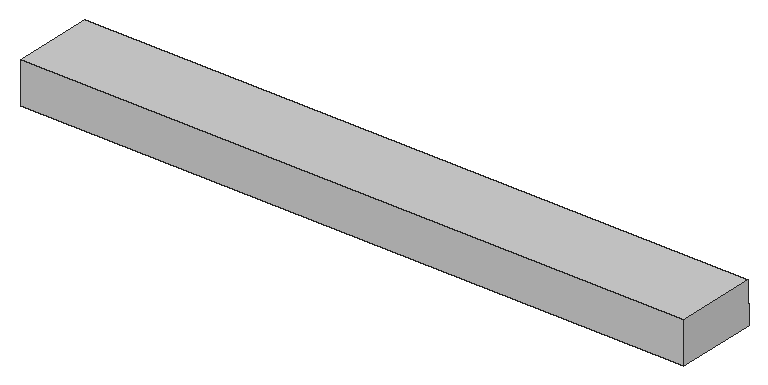
Revit family "Lum_Teto_Tubular_2_Embutido", category Lighting Fixtures, host Ceiling, Revit 2025
Family settings
  Host = Ceiling
  Round Connector Dimension = Use Diameter
  Part Type = Normal
  OmniClass Number = 23.80.70.11
  OmniClass Title = Luminaries for Internal Lighting
  Always vertical = Yes
  Cut with Voids When Loaded = No
  Light Source = Yes
  Maintain Annotation Orientation = No
  Shared = No
  Room Calculation Point = No
Parameters (values of type "Luminária_Tubular_Embutida_2_Lâmpadas")
  Wattage = 9.2903 W
  built-in parameter 1150110 = 1 (stored number, unit not read)
  built-in parameter 1114217 = 1 (stored number, unit not read)
  built-in parameter 1150109 = 1 (stored number, unit not read)
  Lumi_Material = CT_Luminaria
  Lumi_Largura_Interna = Lumi_Largura * 0.95  # 142.5 mm
  Lumi_Largura = 150 mm
  Lumi_Comprimento = 1225 mm
  Lumi_Altura_Resalto = 15 mm
  Lumi_Altura_Embutida = 60 mm
  Emit from Line Length = Lumi_Comprimento - 200 mm  # 1025 mm
  Default Elevation = 0 mm
  built-in parameter 1150134 = (empty or 0)
  built-in parameter 1150113 = 1 (stored number, unit not read)
  Lumens = 1380 lm
  built-in parameter 1150115 = 1 (stored number, unit not read)
  built-in parameter 1150105 = 439.27 (stored number, unit not read)
  Light Source Symbol Size = Lumi_Largura - 20 mm  # 130 mm
  built-in parameter 1150137 = (empty or 0)
  built-in parameter 1150139 = (empty or 0)
  built-in parameter 1150112 = 1 (stored number, unit not read)
  built-in parameter 1150114 = 1 (stored number, unit not read)
  built-in parameter 1150132 = 2
  built-in parameter 1150102 = (empty or 0)
  built-in parameter 1150138 = (empty or 0)
  built-in parameter 1150107 = 3000 (stored number, unit not read)
  built-in parameter 1150106 = 4.3927 (stored number, unit not read)
  built-in parameter 1150104 = 13.8 (stored number, unit not read)
  Dimming Lamp Color Temperature Shift = <None>
  Color Filter = 16777215
  built-in parameter 1114218 = 1 (stored number, unit not read)
  built-in parameter 1150133 = 10 (stored number, unit not read)
Reference planes
  plane 1 "Eixo de origem da luz (F/T)": y = 0
  plane 2: z = 0
  plane 3 "Eixo de origem da luz (E/D)": x = 0
  plane 4 "Forro": z = 4000
  plane 5 "Elevação da origem da luz": z = 3985
  plane 6 "Tubo_E": x = -512.5
  plane 7 "Tubo_D": x = 512.5
  plane 8: y = 43.668
  plane 9: y = -43.668
  plane 10: z = 4060
Forms (mm)
  Extrusion 1, solid, material "CT_Luminaria" <- "Lumi_Material"
    sketch origin (0, 0, 4000) x (0, 1, 0) y (-1, 0, 0)
      loop
        line (75, 612.5) -> (-75, 612.5) -> (-75, -612.5) -> (75, -612.5) -> (75, 612.5)
    from 60 to -15
  Extrusion 2, void
    sketch origin (512.5, 0, 0) x (0, 1, 0) y (0, 0, 1)
      loop
        line (-71.25, 3978.108) -> (71.25, 3978.108) -> (71.25, 4001.255)
        arc (71.25, 4001.255) -> (-0.034, 4028.045) -> (-71.25, 4001.072) r 107.867
        line (-71.25, 4001.072) -> (-71.25, 3978.108)
    from 0 to -1025
Cuts and joins
  Extrusion 2 cuts Extrusion 1
Lines and regions (mm)
  Opening 1
    outline origin (0, 0, 4000) x (1, 0, 0) y (0, 1, 0)
      loop
        line (-612.5, 75) -> (-612.5, -75) -> (612.5, -75) -> (612.5, 75) -> (-612.5, 75)
Dimensions and locks
  equal spacing: host sketch curve, plane 3 "Eixo de origem da luz (E/D)", host sketch curve
  equal spacing: host sketch curve, plane 1 "Eixo de origem da luz (F/T)", host sketch curve
  host sketch curve to host sketch curve = 4000 mm  (x2)
  plane 4 "Forro" to host ceiling = 0 mm
  equal spacing: Extrusion 1 sketch curve, plane 3 "Eixo de origem da luz (E/D)", Extrusion 1 sketch curve
  equal spacing: Extrusion 1 sketch curve, plane 1 "Eixo de origem da luz (F/T)", Extrusion 1 sketch curve
  "Lumi_Largura": Extrusion 1 sketch curve to Extrusion 1 sketch curve
  "Lumi_Comprimento": Extrusion 1 sketch curve to Extrusion 1 sketch curve
  equal spacing: plane 6 "Tubo_E", plane 3 "Eixo de origem da luz (E/D)", plane 7 "Tubo_D"
  "Emit from Line Length": plane 6 "Tubo_E" to plane 7 "Tubo_D"
  equal spacing: Extrusion 2 sketch curve, plane 1 "Eixo de origem da luz (F/T)", Extrusion 2 sketch curve
  "Lumi_Largura_Interna": Extrusion 2 to Extrusion 2
  equal spacing: plane 8, plane 1 "Eixo de origem da luz (F/T)", plane 9
  "Lumi_Altura_Embutida": plane 4 "Forro" to plane 10
  "Lumi_Altura_Resalto": plane 5 "Elevação da origem da luz" to plane 4 "Forro"
  aligned and locked: plane 5 "Elevação da origem da luz" to Extrusion 1
  aligned and locked: imposter light to plane 1 "Eixo de origem da luz (F/T)"
  aligned and locked: Extrusion 2 to plane 6 "Tubo_E"
  aligned and locked: Opening 1 sketch curve to cut or joined group of Extrusion 1, Extrusion 2  (x4)
  aligned and locked: plane 10 to cut or joined group of Extrusion 1, Extrusion 2
  aligned and locked: plane 5 "Elevação da origem da luz" to cut or joined group of Extrusion 1, Extrusion 2
  aligned and locked: plane 5 "Elevação da origem da luz" to imposter light
Automatic sketch dimensions
  plane 5 "Elevação da origem da luz" to Extrusion 2 sketch curve = 6.892 mm
  Extrusion 2 sketch curve to plane 1 "Eixo de origem da luz (F/T)" = 0.104 mm
  plane 5 "Elevação da origem da luz" to Extrusion 2 sketch curve = 64.822 mm
  plane 1 "Eixo de origem da luz (F/T)" to Extrusion 2 sketch curve = 71.25 mm
  Extrusion 2 sketch curve to plane 5 "Elevação da origem da luz" = 16.072 mm
